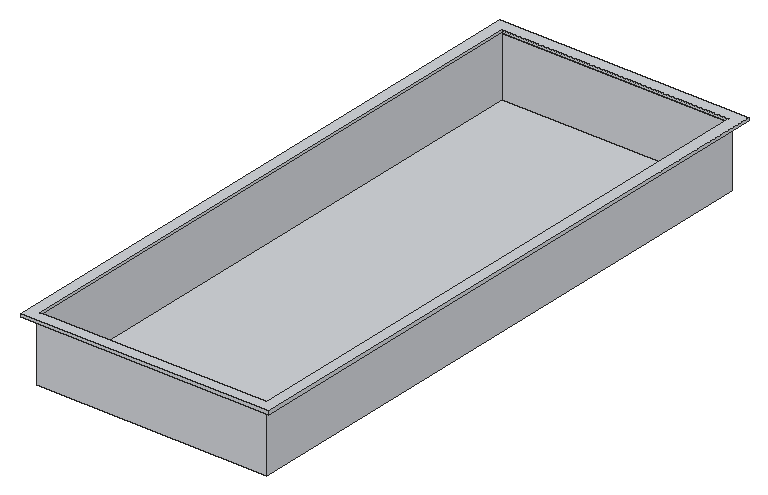
Revit family "Hager-Volta-IP30-Flush_mounted-empty-CH-en", category Electrical Equipment, host Face, Revit 2020
Family settings
  Host = Face
  Panel Configuration = Two Columns, Circuits Across
  Round Connector Dimension = Use Diameter
  Part Type = Panelboard
  Cut with Voids When Loaded = No
  Shared = No
  Room Calculation Point = No
Parameters (values of type "Recessed mounted  W348 H880 D94.5 12 Modular spacings - VU60NK")
  Width Control [instance] = if([HG000006 - Flush mounted], if([EF000846 - Built-in width] > min_whd, [EF000846 - Built-in width], min_whd), if([EF000008 - Width] > min_whd, ([EF000008 - Width]), min_whd))  # 335 mm
  Void Depth [instance] = if([HG000006 - Flush mounted], Depth Control, 1 mm)  # 90 mm
  Type Comments = [HG000003 - Range]  # "Volta"
  System Height [instance] = Height Control - 2 * [HG000005 - Thickness]  # 840 mm
  Model = [HG000004 - Manufacturer reference]  # "VU60NK"
  HG000017 - Distance between poles = 18 mm
  HG000016 - Door 3d visibility [instance] = yes
  HG000015 - Clearance visibility [instance] = no
  HG000014 - Door on the right [instance] = yes
  HG000013 - Door on the left [instance] = not([HG000014 - Door on the right])  # no
  HG000012 - Door swing angle [instance] = 45.00°
  HG000011 - Empty rows from bottom = no
  HG000010 - Asymmetric doors = no
  HG000009 - Double swing door = no
  HG000008 - Number of empty rows = 0
  HG000007 - Number of empty columns = 0
  HG000006 - Flush mounted = yes
  HG000005 - Thickness = 3 mm  # constant formula
  HG000004 - Manufacturer reference = "VU60NK"
  HG000003 - Range = "Volta"
  HG000002 - With door or cover = no
  HG000001 - Number of columns = 0
  EF015941 - Signal passing door = no
  EF015777 - Neutral terminal block = no
  EF015776 - Earthing terminal block = no
  EF009212 - Cover model = "EV000116 - Closed"
  EF006306 - With lock = no
  EF006244 - Transparent cover/door = no
  EF005474 - Degree of protection (IP) = ""
  EF004462 - Type of closure = ""
  EF002950 - Width in number of modular spacings = 12
  EF001596 - Material housing = "EV000139 - Plastic"
  EF001134 - DIN-rail = no
  EF001131 - Internal depth = 92 mm
  EF001088 - Extension possible = yes
  EF001062 - EMC-version = yes
  EF000846 - Built-in width = 335 mm
  EF000339 - Type of cover = ""
  EF000332 - Built-in height = 846 mm
  EF000266 - Number of rows = 5
  EF000218 - Built-in depth = 90 mm
  EF000118 - With mounting plate = no
  EF000116 - RAL-number = "7035"
  EF000049 - Depth = 94 mm
  EF000040 - Height = 880 mm
  EF000008 - Width = 348 mm
  EF000007 - Colour = "EV000270 - Grey"
  EF000003 - Mounting method = "EV000383 - Flush mounted (plaster)"
  Arrow Offset [instance] = Depth Control / 8  # 11.25 mm
  Arrow Height [instance] = Depth Control - Arrow Offset  # 78.75 mm
  Host Offset [instance] = if([HG000006 - Flush mounted], 0 mm, [EF000049 - Depth])  # 0 mm
  min_whd [instance] = (2 * [HG000005 - Thickness]) + 1 mm  # 7 mm
  Manufacturer = "Hager"  # constant formula
  Height Control [instance] = if([HG000006 - Flush mounted], if([EF000332 - Built-in height] > min_whd, [EF000332 - Built-in height], min_whd), if([EF000040 - Height] > min_whd, ([EF000040 - Height]), min_whd))  # 846 mm
  Flush Mounted - Door Frame Width [instance] = if(([EF000040 - Height] - [EF000332 - Built-in height]) > 0 mm, if([HG000006 - Flush mounted], [EF000040 - Height] - [EF000332 - Built-in height], 0 mm), 0 mm)  # 34 mm
  Depth Control [instance] = if([HG000006 - Flush mounted], if([EF000218 - Built-in depth] > 0 mm, [EF000218 - Built-in depth], 1 mm), if([EF000049 - Depth] > 0 mm, ([EF000049 - Depth]), 1 mm))  # 90 mm
  Default Elevation = 0 mm
Types (5, lengths in mm): name | System Height | Model | HG000004 - Manufacturer reference | EF000332 - Built-in height | EF000266 - Number of rows | EF000040 - Height | EF000008 - Width | Height Control | Flush Mounted - Door Frame Width
  Recessed mounted  W330 H355 D94.5 12 Modular spacings - VU12NK | 340 | "VU12NK" | "VU12NK" | 346 | 1 | 355 | 330 | 346 | 9
  Recessed mounted  W330 H484 D94.5 12 Modular spacings - VU24NK | 465 | "VU24NK" | "VU24NK" | 471 | 2 | 484 | 330 | 471 | 13
  Recessed mounted  W330 H609 D94.5 12 Modular spacings - VU36NK | 590 | "VU36NK" | "VU36NK" | 596 | 3 | 609 | 330 | 596 | 13
  Recessed mounted  W330 H734 D94.5 12 Modular spacings - VU48NK | 715 | "VU48NK" | "VU48NK" | 721 | 4 | 734 | 330 | 721 | 13
  Recessed mounted  W348 H880 D94.5 12 Modular spacings - VU60NK | 840 | "VU60NK" | "VU60NK" | 846 | 5 | 880 | 348 | 846 | 34
Reference planes
  plane 1 "Center (Front/Back)": y = 0
  plane 2: z = 0
  plane 3 "Center (Left/Right)": x = 0
  plane 4: z = 0
  plane 5: y = 37
  plane 6: z = -5
  plane 7: y = 457
  plane 8: y = 34
  plane 9: y = 880
  plane 10: z = -90
  plane 11: x = -167.5
  plane 12: x = 167.5
  plane 13: x = 164.5
  plane 14: x = -164.5
  plane 15: y = 877
  plane 16: z = -87
  plane 17: z = -3
  plane 18: z = -90
  plane 19: z = -3
Forms (mm)
  Extrusion 1, solid
    sketch origin (-583.045, 34, 1219.2) x (-1, 0, 0) y (0, 0, 1)
      loop
        line (-415.545, -1219.2) -> (-750.545, -1219.2) -> (-750.545, -1309.2) -> (-415.545, -1309.2) -> (-415.545, -1219.2)
    from 0 to 846 <- "Height Control"
  Extrusion 2, void
    sketch origin (-381.607, -4572, 0) x (0, -1, 0) y (-1, 0, 0)
      loop
        line (-5449, -217.107) -> (-5449, -546.107) -> (-4609, -546.107) -> (-4609, -217.107) -> (-5449, -217.107)
    from 0 to 87
  Extrusion 3, void
    sketch origin (0, 0, 0) x (1, 0, 0) y (0, 1, 0)
      loop
        line (-167.5, 34) -> (167.5, 34) -> (167.5, 880) -> (-167.5, 880) -> (-167.5, 34)
    from -90 to 1
  Extrusion 4, solid, detail levels coarse+medium
    sketch origin (-381.607, -4572, 0) x (-1, 0, 0) y (0, -1, 0)
      loop
        line (-217.107, -5449) -> (-217.107, -4609) -> (-546.107, -4609) -> (-546.107, -5449) -> (-217.107, -5449)
    from 0 to -3
Cuts and joins
  Extrusion 2 cuts Extrusion 1
Dimensions and locks
  plane 4 to plane 6 = 5 mm
  "Host Offset": plane 4 to host face
  "Flush Mounted - Door Frame Width": plane 1 "Center (Front/Back)" to plane 8
  "HG000005 - Thickness": plane 5 to plane 8
  locked: connector elem to plane 3 "Center (Left/Right)"
  "Height Control": plane 9 to plane 8
  equal spacing: plane 9, plane 7, plane 8
  locked: connector elem to plane 7
  "Depth Control": plane 4 to plane 10
  "HG000005 - Thickness": plane 11 to plane 14
  "HG000005 - Thickness": plane 12 to plane 13
  equal spacing: plane 11, plane 3 "Center (Left/Right)", plane 12
  "Width Control": plane 11 to plane 12
  "Arrow Offset": nested 4 to plane 10
  "HG000005 - Thickness": plane 9 to plane 15
  "HG000005 - Thickness": plane 16 to plane 10
  "HG000005 - Thickness": plane 4 to plane 17
  "Void Depth": plane 2 to plane 18
  "HG000005 - Thickness": plane 4 to plane 19
  aligned and locked: plane 2 to host face
  aligned and locked: level to host face
  aligned and locked: plane 3 "Center (Left/Right)" to nested 2
  aligned and locked: plane 4 to nested 2
  aligned and locked: nested 2 to plane 8
  aligned and locked: nested 1 to plane 6
  aligned and locked: plane 5 to nested 1
  aligned and locked: nested 4 to plane 11
  aligned and locked: nested 3 to plane 4
  aligned and locked: Extrusion 1 sketch curve to plane 12
  aligned and locked: Extrusion 1 sketch curve to plane 11
  aligned and locked: nested 3 to plane 10
  aligned and locked: plane 10 to Extrusion 1 sketch curve
  aligned and locked: plane 5 to Extrusion 2 sketch curve
  aligned and locked: Extrusion 2 sketch curve to plane 15
  aligned and locked: Extrusion 2 sketch curve to plane 14
  aligned and locked: Extrusion 2 sketch curve to plane 13
  aligned and locked: plane 11 to Extrusion 3 sketch curve
  aligned and locked: plane 9 to Extrusion 3 sketch curve
  aligned and locked: Extrusion 3 sketch curve to plane 8
  aligned and locked: plane 12 to Extrusion 3 sketch curve
  aligned and locked: nested 3 to plane 12
  aligned and locked: Extrusion 3 to plane 18
  aligned and locked: Extrusion 2 to plane 16
  aligned and locked: Extrusion 1 sketch curve to plane 4
  aligned and locked: Extrusion 4 to plane 17
  aligned and locked: Extrusion 4 sketch curve to plane 15
  aligned and locked: Extrusion 4 sketch curve to plane 13
  aligned and locked: Extrusion 4 sketch curve to plane 14
  aligned and locked: plane 5 to Extrusion 4 sketch curve
Automatic sketch dimensions
  host sketch curve to host sketch curve = 1469.727 mm
  host sketch curve to host sketch curve = 1434.803 mm
Nested families
  nested 1: "Hager_Enclosure_System" at (0, 37, -5) x (1, 0, 0) z (0, 1, 0), Depth <- "HG000005 - Thickness", Height <- "System Height", Width <- "EF000008 - Width", Border <- "HG000005 - Thickness", Flush_Mounted <- "HG000006 - Flush mounted", Built-in_Width <- "EF000846 - Built-in width", Row_Module_Multiplicator <- "EF002950 - Width in number of modular spacings", Total_No_Empty_Rows <- "HG000008 - Number of empty rows", Total_No_Rows <- "EF000266 - Number of rows", Empty_Columns <- "HG000007 - Number of empty columns", Width_Control <- "Width Control", Empty_Rows_From_Bottom <- "HG000011 - Empty rows from bottom", Distance_Between_Poles <- "HG000017 - Distance between poles", Rows_Count <- "EF000266 - Number of rows", Columns_Count <- "HG000001 - Number of columns", type "Hager_Enclosure_System", detail levels fine
    with Width_Control 335 mm, Width 348 mm, Total_No_Rows 5, Total_No_Empty_Rows 0, Total_No_Columns 1, System_Width 329 mm, Rows_Count 5, Rows_Column 5, Row_Module_Multiplicator 12, Panel_4 no, Panel_3 no, Panel_2 no, Panel_1 no, No_Panels_Ctrl 1, Hide_Columns yes, Height 840 mm, Flush_Mounted yes, Empty_Rows_From_Bottom no, Empty_Rows_Column 0, Empty_Columns 0, Distance_Between_Poles 18 mm, Depth 3 mm, Columns_Count 0, Column_Width 329 mm, Built-in_Width 335 mm, Border 3 mm
  nested 2: "Hager_Enclosure_Door" at (0, 34, 0) x (1, 0, 0) z (0, 1, 0), Border <- "HG000005 - Thickness", Door_Right <- "HG000014 - Door on the right", Flush_Mounted <- "HG000006 - Flush mounted", Depth <- "EF000049 - Depth", Width <- "EF000008 - Width", Door_Left <- "HG000013 - Door on the left", 3d_Door <- "HG000016 - Door 3d visibility", BuiltIn_Width <- "EF000846 - Built-in width", BuiltIn_Height <- "EF000332 - Built-in height", BuiltIn_Depth <- "EF000218 - Built-in depth", Angle <- "HG000012 - Door swing angle", Assymetrical <- "HG000010 - Asymmetric doors", Double <- "HG000009 - Double swing door", Clearance <- "HG000015 - Clearance visibility", Transparent <- "EF006244 - Transparent cover/door", Door <- "HG000002 - With door or cover", Height_Ctrl <- "Height Control", Width_Ctrl <- "Width Control", Height <- "EF000040 - Height", type "Hager_Enclosure_Door", detail levels medium+fine
    with min_wh 7 mm, Width_Ctrl 335 mm, Width 348 mm, Transparent_Door_No_Bottom_Border no, Transparent no, Leaf_Width 326 mm, Leaf_Tolerance 1.5 mm, Leaf_Height 837 mm, Leaf_2_Width 326 mm, Leaf_2_Offset 163 mm, Leaf_1_Width 326 mm, Leaf_1_Offset 163 mm, Height_Ctrl 846 mm, Height 880 mm, Frame_Width_Ctrl 13 mm, Frame_Width 13 mm, Frame_Internal_Offset 3 mm, Frame_Height_Ctrl 34 mm, Frame_Height 34 mm, Frame_Depth_Ctrl 4 mm, Frame_Depth 4 mm, Flush_Mounted yes, Double_Clearance_Ctrl no, Double no, Door_Right_Ctrl no, Door_Right yes, Door_Left_Ctrl no, Door_Left no, Door no, Depth 94 mm, Clearance_Depth 326 mm, Clearance_Ctrl no, Clearance no, BuiltIn_Width 335 mm, BuiltIn_Height 846 mm, BuiltIn_Depth 90 mm, Border 3 mm, Assymetrical no, Angle 45.00°, 3d_Door yes
  nested 3: "Hager_Enclosure_Symbol_Triangle" at (-167.5, 0, -90) x (1, 0, 0) z (0, -1, 0), Depth <- "Depth Control", Width <- "Width Control", type "Hager_Enclosure_Symbol_Triangle"
    with Width_Ctrl 335 mm, Width 335 mm, Depth_Ctrl 90 mm, Depth 90 mm
  nested 4: "Hager_Enclosure_Symbol_Arrow" at (-167.5, 0, -78.75) x (1, 0, 0) z (0, -1, 0), Height <- "Arrow Height", type "Hager_Enclosure_Symbol_Arrow"
    with Width_Inside 5.906 mm, Width 70.875 mm, Height_Ctrl 78.75 mm, Height 78.75 mm
Connectors
  electrical at (0, 457, -90)
    settings: on plane 10, index 1, voltage 0 V, apparent load 0 VA, apparent load phase1 0 VA, apparent load phase2 0 VA, apparent load phase3 0 VA, power factor 1, load classification "Other", number of poles 1, system type 30, power factor state 1, is connector primary yes, connector utility no, sub classification motor no, connector description ""
Definition of nested family "Hager_Enclosure_Door"
  Parameters (values of type "Hager_Enclosure_Door")
    min_wh [instance] = (2 * Border) + 1 mm  # 11 mm
    Width_Ctrl [instance] = 400 mm
    Width [instance] = 500 mm
    Transparent_Door_No_Bottom_Border [instance] = no
    Transparent [instance] = yes
    Leaf_Width [instance] = if((Width_Ctrl - 2 * Border - 2 * Leaf_Tolerance) > 0 mm, (Width_Ctrl - 2 * Border - 2 * Leaf_Tolerance), min_wh)  # 387 mm
    Leaf_Tolerance [instance] = 1.5 mm  # constant formula
    Leaf_Height [instance] = if((Height_Ctrl - 2 * Border - 2 * Leaf_Tolerance) > 0 mm, (Height_Ctrl - 2 * Border - 2 * Leaf_Tolerance), min_wh)  # 387 mm
    Leaf_2_Width [instance] = if(and(and(Double, Assymetrical), Door_Left), (Leaf_Width / 3) - (Leaf_Tolerance / 2), if(and(and(Double, Assymetrical), Door_Right), (Leaf_Width / 3) * 2 - (Leaf_Tolerance / 2), if(and(Double, not(Assymetrical)), (Leaf_Width / 2) - Leaf_Tolerance, Leaf_Width)))  # 387 mm
    Leaf_2_Offset [instance] = if(and(Double, Assymetrical), Leaf_2_Width / 2, if(and(Double, not(Assymetrical)), Leaf_Width / 4, Leaf_Width / 2))  # 193.5 mm
    Leaf_1_Width [instance] = if(and(and(Double, Assymetrical), Door_Right), (Leaf_Width / 3) - (Leaf_Tolerance / 2), if(and(and(Double, Assymetrical), Door_Left), (Width / 3) * 2 - (Leaf_Tolerance / 2), if(and(Double, not(Assymetrical)), (Leaf_Width / 2) - Leaf_Tolerance, Leaf_Width)))  # 387 mm
    Leaf_1_Offset [instance] = if(and(Double, Assymetrical), Leaf_1_Width / 2, if(and(Double, not(Assymetrical)), Leaf_Width / 4, Leaf_Width / 2))  # 193.5 mm
    Height_Ctrl [instance] = 400 mm
    Height [instance] = 500 mm
    Frame_Width_Ctrl [instance] = if(Frame_Width > 0 mm, Frame_Width, 1 mm)  # 1 mm
    Frame_Width [instance] = Width - BuiltIn_Width  # 0 mm
    Frame_Internal_Offset [instance] = if(Flush_Mounted, Border, 0 mm)  # 5 mm
    Frame_Height_Ctrl [instance] = if(Frame_Height > 0 mm, Frame_Height, 1 mm)  # 1 mm
    Frame_Height [instance] = Height - BuiltIn_Height  # 0 mm
    Frame_Depth_Ctrl [instance] = if(Frame_Depth > 0 mm, Frame_Depth, 1 mm)  # 1 mm
    Frame_Depth [instance] = if(Depth - BuiltIn_Depth > 0 mm, if(Flush_Mounted, Depth - BuiltIn_Depth, 0 mm), 0 mm)  # 0 mm
    Flush_Mounted [instance] = yes
    Double_Clearance_Ctrl [instance] = and(Double, Clearance)  # no
    Double [instance] = no
    Door_Right_Ctrl [instance] = and(or(Door_Right, Double), Door)  # yes
    Door_Right [instance] = yes
    Door_Left_Ctrl [instance] = and(or(Door_Left, Double), Door)  # no
    Door_Left [instance] = no
    Door [instance] = yes
    Depth [instance] = 500 mm
    Default Elevation = 1219.2 mm
    Clearance_Material = none
    Clearance_Depth [instance] = if(Leaf_1_Width > Leaf_2_Width, Leaf_1_Width, Leaf_2_Width)  # 387 mm
    Clearance_Ctrl [instance] = and(not(Double), Clearance)  # yes
    Clearance [instance] = yes
    BuiltIn_Width [instance] = 500 mm
    BuiltIn_Height [instance] = 500 mm
    BuiltIn_Depth [instance] = 500 mm
    Border [instance] = 5 mm
    Assymetrical [instance] = yes
    Angle [instance] = 30.00°
    3d_Door [instance] = yes
  Reference planes
    plane 1 "Center (Front/Back)": y = 0
    plane 2 "Bottom": z = 0
    plane 3 "Center (Left/Right)": x = 0
    plane 4: z = 400
    plane 5: x = -200
    plane 6: x = 200
    plane 7: z = 395
    plane 8: x = -195
    plane 9: z = 5
    plane 10: x = 195
    plane 11: y = 0
    plane 12: z = 6.5
    plane 13: x = -582
    plane 14: y = -387
    plane 15: x = 582
    plane 16: x = 0
    plane 17: x = 0
    plane 18: x = -193.5
    plane 19: x = 193.5
    plane 20: z = 393.5
  Forms (mm)
    Extrusion 1, solid, visible <- "Flush_Mounted"
      sketch origin (0, 0, 0) x (1, 0, 0) y (0, 0, 1)
        loop
          line (195, 5) -> (195, 395) -> (-195, 395) -> (-195, 5) -> (195, 5)
        loop
          line (-201, 401) -> (-201, -1) -> (201, -1) -> (201, 401) -> (-201, 401)
      from 0 to 1 <- "Frame_Depth_Ctrl"
    Extrusion 2, solid, material <- "Clearance_Material", visible <- "Double_Clearance_Ctrl"
      sketch origin (1200, 0, 0) x (1, 0, 0) y (0, 0, -1)
        loop
          line (-1782, -393.5) -> (-618, -393.5) -> (-618, 0) -> (-1782, 0) -> (-1782, -393.5)
      from 0 to -387
  Dimensions and locks
    equal spacing: plane 5, plane 3 "Center (Left/Right)", plane 6
    "Width_Ctrl": plane 5 to plane 6
    "Border": plane 5 to plane 8
    "Border": plane 6 to plane 10
    "Border": plane 9 to level
    "Border": plane 4 to plane 7
    "Height_Ctrl": plane 4 to level
    "Leaf_Tolerance": plane 12 to plane 9
    "Frame_Depth": plane 11 to plane 1 "Center (Front/Back)"
    "Frame_Width_Ctrl": plane 5 to Extrusion 1 sketch curve
    "Frame_Width_Ctrl": plane 6 to Extrusion 1 sketch curve
    "Frame_Width_Ctrl": Extrusion 1 sketch curve to plane 4
    "Frame_Width_Ctrl": plane 2 "Bottom" to Extrusion 1 sketch curve
    "Leaf_1_Offset": plane 18 to plane 16
    "Leaf_2_Offset": plane 17 to plane 19
    "Leaf_1_Width": plane 13 to plane 8
    "Leaf_2_Width": plane 10 to plane 15
    "Clearance_Depth": plane 14 to plane 1 "Center (Front/Back)"
    "Leaf_Tolerance": plane 8 to plane 18
    "Leaf_Tolerance": plane 19 to plane 10
    "Leaf_Tolerance": plane 7 to plane 20
    "Frame_Internal_Offset": plane 5 to Extrusion 1 sketch curve
    "Frame_Internal_Offset": Extrusion 1 sketch curve to plane 2 "Bottom"
    "Frame_Internal_Offset": plane 6 to Extrusion 1 sketch curve
    "Frame_Internal_Offset": plane 4 to Extrusion 1 sketch curve
    aligned and locked: level to plane 2 "Bottom"
    aligned and locked: nested 1 to plane 16
    aligned and locked: nested 2 to plane 17
    aligned and locked: Extrusion 2 to plane 13
    aligned and locked: plane 15 to Extrusion 2
    aligned and locked: Extrusion 2 to plane 14
    aligned and locked: plane 12 to nested 1
    aligned and locked: nested 2 to plane 12
    aligned and locked: Extrusion 2 to plane 11
    aligned and locked: plane 20 to Extrusion 2
    aligned and locked: nested 2 to plane 11
    aligned and locked: nested 1 to plane 11
  Automatic sketch dimensions
    Extrusion 2 sketch curve to level = 0 mm
    plane 5 to Extrusion 2 sketch curve = 382 mm
    plane 6 to Extrusion 2 sketch curve = 382 mm
    Extrusion 2 sketch curve to plane 4 = 6.5 mm
  Nested families
    nested 1: "Hager_Enclosure_Door_Leaf" at (0, 0, 6.5), Width <- "Leaf_1_Width", visible <- "Door_Left_Ctrl", Leaf_Height <- "Leaf_Height", Angle <- "Angle", Depth <- "Border", 3d_Door <- "3d_Door", Transparent <- "Transparent", Clearance Material <- "Clearance_Material", Clearance <- "Clearance_Ctrl", Transparent_Door_No_Bottom_Border <- "Transparent_Door_No_Bottom_Border", type "Hager_Enclosure_Door_Leaf"
      with Width 387 mm, Transparent_Door_No_Bottom_Border no, Transparent_Door_Border_Bottom_Top 25 mm, Transparent_Door_Border 25 mm, Transparent_Ctrl yes, Transparent yes, Standard no, Leaf_Height 387 mm, Glass_Offset 1 mm, Depth 5 mm, Clearance Material none, Clearance yes, Angle_Ctrl 30.00°, Angle 30.00°, 3d_Door yes
    nested 2: "Hager_Enclosure_Door_Leaf" at (0, 0, 6.5) x (-1, 0, 0) z (0, 0, 1), Width <- "Leaf_2_Width", visible <- "Door_Right_Ctrl", Leaf_Height <- "Leaf_Height", Angle <- "Angle", Depth <- "Border", 3d_Door <- "3d_Door", Transparent <- "Transparent", Clearance Material <- "Clearance_Material", Clearance <- "Clearance_Ctrl", Transparent_Door_No_Bottom_Border <- "Transparent_Door_No_Bottom_Border", type "Hager_Enclosure_Door_Leaf"
      with Width 387 mm, Transparent_Door_No_Bottom_Border no, Transparent_Door_Border_Bottom_Top 25 mm, Transparent_Door_Border 25 mm, Transparent_Ctrl yes, Transparent yes, Standard no, Leaf_Height 387 mm, Glass_Offset 1 mm, Depth 5 mm, Clearance Material none, Clearance yes, Angle_Ctrl 30.00°, Angle 30.00°, 3d_Door yes
  Definition of nested family "Hager_Enclosure_Door_Leaf"
    Parameters (values of type "Hager_Enclosure_Door_Leaf")
      Width [instance] = 2000 mm
      Transparent_Door_No_Bottom_Border [instance] = yes
      Transparent_Door_Border_Bottom_Top [instance] = if(Transparent_Door_No_Bottom_Border, 0.1 mm, Transparent_Door_Border)  # 0.1 mm
      Transparent_Door_Border [instance] = if(Transparent_Door_No_Bottom_Border, (Width * 0.12), 25 mm)  # 240 mm
      Transparent_Ctrl [instance] = and(Transparent, [3d_Door])  # yes
      Transparent [instance] = yes
      Standard [instance] = and(not(Transparent), [3d_Door])  # no
      Leaf_Height [instance] = 2720.336 mm
      Glass_Offset [instance] = if((Depth - 10 mm) / 2 > 0 mm, (Depth - 10 mm) / 2, 1 mm)  # 15 mm
      Glass_Material = none
      Depth [instance] = 40 mm
      Default Elevation = 0 mm
      Clearance Material [instance] = none
      Clearance [instance] = yes
      Angle_Ctrl [instance] = if(Angle > 170.00°, 170.00°, Angle)  # 45.00°
      Angle [instance] = 45.00°
      3d_Door [instance] = yes
    Reference planes
      plane 1 "Center (Front/Back)": y = 0
      plane 2: z = 0
      plane 3 "Center (Left/Right)": x = 0
      plane 4: y = 2000
      plane 5: x = -1000
      plane 6: x = 1000
      plane 7: x = -3000
      plane 8: z = 2720.336
      plane 9: z = 0.1
      plane 10: z = 2720.236
      plane 11: x = 760
      plane 12: x = -760
    Forms (mm)
      Extrusion 1, solid, material <- "Clearance Material", visible <- "Clearance"
        sketch origin (0, 0, 0) x (1, 0, 0) y (0, 0, 1)
          loop
            line (-3000, 2720.336) -> (-3000, 0) -> (1000, 0) -> (1000, 2720.336) -> (-3000, 2720.336)
        from 0 to -2000
      Extrusion 2, solid, visible <- "Standard", detail levels medium+fine
        sketch origin (-1000, 0, 0) x (0.707107, 0.707107, 0) y (-0.707107, 0.707107, 0)
          loop
            line (0, -40) -> (2000, -40) -> (2000, 0) -> (0, 0) -> (0, -40)
        from 0 to 2720.336 <- "Leaf_Height"
      Extrusion 3, solid, visible <- "Transparent_Ctrl", detail levels medium+fine
        sketch origin (-1000, 0, 0) x (0.707107, 0.707107, 0) y (-0.707107, 0.707107, 0)
          loop
            line (0, -40) -> (2000, -40) -> (2000, 0) -> (0, 0) -> (0, -40)
        from 0 to 2720.336 <- "Leaf_Height"
      Extrusion 4, void, detail levels medium+fine
        sketch origin (-1000, 0, 0) x (-0.707107, 0.707107, 0) y (0.707107, 0.707107, 0)
          loop
            line (0, 240) -> (0, 1760) -> (-40, 1760) -> (-40, 240) -> (0, 240)
        from -2720.236 to -0.1
      Extrusion 5, solid, material <- "Glass_Material", visible <- "Transparent_Ctrl", detail levels medium+fine
        sketch origin (-1000, 0, 0) x (0.707107, 0.707107, 0) y (-0.707107, 0.707107, 0)
          loop
            line (240, -15) -> (240, -25) -> (1760, -25) -> (1760, -15) -> (240, -15)
        from 0.1 to 2720.236
    Cuts and joins
      Extrusion 4 cuts Extrusion 3
    Lines and regions (mm)
      symbolic lines
        curve 1: line (1000, 0, 0) -> (-3000, 0, 0)
        curve 2: arc (1000, 0, 0) -> (-1000, 2000, 0) -> (-3000, 0, 0) r 2000
        curve 4: line (-1000, 0, 0) -> (414.214, 1414.214, 0)
      reference lines
        curve 3: line (-1000, 0, 0) -> (414.214, 1414.214, 0)
      symbolic lines, detail levels medium+fine
        curve 5: line (414.214, 1414.214, 0) -> (442.498, 1385.929, 0)
        curve 6: line (442.498, 1385.929, 0) -> (-971.716, -28.284, 0)
        curve 7: line (-971.716, -28.284, 0) -> (-1000, 0, 0)
        curve 8: line (-1000, 0, 2720.336) -> (1000, 0, 2720.336)
        curve 9: line (-1000, 0, 0) -> (-1000, 0, 2720.336)
        curve 10: line (1000, 0, 0) -> (-1000, 0, 0)
        curve 11: line (1000, 0, 2720.336) -> (1000, 0, 0)
      symbolic lines, visible <- "Transparent_Ctrl", detail levels medium+fine
        curve 12: line (-760, 0, 2720.236) -> (760, 0, 2720.236)
        curve 13: line (-760, 0, 0.1) -> (-760, 0, 2720.236)
        curve 14: line (760, 0, 0.1) -> (-760, 0, 0.1)
        curve 15: line (760, 0, 2720.236) -> (760, 0, 0.1)
    Dimensions and locks
      "Width": plane 1 "Center (Front/Back)" to plane 4
      equal spacing: plane 5, plane 3 "Center (Left/Right)", plane 6
      "Width": plane 5 to plane 6
      "Width": plane 7 to plane 5
      "Leaf_Height": plane 8 to level
      "Depth": curve 6 to curve 3
      "Width": curve 5 to curve 3
      "Width": curve 3 to curve 3
      "Transparent_Door_Border": Extrusion 4 sketch curve to curve 7
      "Transparent_Door_Border": Extrusion 4 sketch curve to curve 5
      "Transparent_Door_Border_Bottom_Top": plane 8 to plane 10
      "Transparent_Door_Border_Bottom_Top": plane 9 to level
      "Glass_Offset": Extrusion 5 sketch curve to curve 4
      "Glass_Offset": Extrusion 5 sketch curve to curve 6
      "Transparent_Door_Border": Extrusion 5 sketch curve to curve 5
      "Transparent_Door_Border": Extrusion 5 sketch curve to curve 7
      "Transparent_Door_Border": plane 12 to plane 5
      "Transparent_Door_Border": plane 6 to plane 11
      "Angle_Ctrl": angle plane 1 "Center (Front/Back)" to curve 3
      aligned and locked: level to plane 2
      aligned and locked: Extrusion 1 to curve 1
      aligned and locked: plane 6 to Extrusion 1
      aligned and locked: Extrusion 1 to plane 1 "Center (Front/Back)"
      aligned and locked: plane 4 to Extrusion 1
      aligned and locked: plane 8 to Extrusion 1
      aligned and locked: curve 4 to curve 3
      aligned and locked: Extrusion 2 sketch curve to curve 7
      aligned and locked: Extrusion 2 sketch curve to curve 6
      aligned and locked: Extrusion 2 sketch curve to curve 5
      aligned and locked: Extrusion 2 sketch curve to curve 3
      aligned and locked: curve 7 to Extrusion 3 sketch curve
      aligned and locked: Extrusion 3 sketch curve to curve 4
      aligned and locked: Extrusion 3 sketch curve to curve 6
      aligned and locked: Extrusion 3 sketch curve to curve 5
      aligned and locked: curve 4 to Extrusion 4 sketch curve
      aligned and locked: curve 6 to Extrusion 4 sketch curve
      aligned and locked: Extrusion 4 to plane 9
      aligned and locked: Extrusion 4 to plane 10
      aligned and locked: Extrusion 5 to plane 9
      aligned and locked: Extrusion 5 to plane 10
      aligned and locked: curve 8 to plane 8
      aligned and locked: plane 5 to curve 9
      aligned and locked: plane 2 to curve 10
      aligned and locked: curve 11 to plane 6
      aligned and locked: plane 10 to curve 12
      aligned and locked: plane 12 to curve 13
      aligned and locked: curve 14 to plane 9
      aligned and locked: plane 11 to curve 15
    Automatic sketch dimensions
      plane 1 "Center (Front/Back)" to curve 2 = 0 mm
      curve 2 to plane 5 = 0 mm
      Extrusion 1 sketch curve to level = 0 mm
      Extrusion 1 sketch curve to plane 7 = 0 mm
      Extrusion 1 sketch curve to plane 6 = 0 mm
      Extrusion 1 sketch curve to plane 8 = 0 mm
      plane 1 "Center (Front/Back)" to curve 3 = 0 mm
      curve 3 to plane 5 = 0 mm
      curve 7 to curve 3 = 0 mm
Definition of nested family "Hager_Enclosure_Symbol_Triangle"
  Parameters (values of type "Hager_Enclosure_Symbol_Triangle")
    Width_Ctrl [instance] = if(Width > 1 mm, Width, 1 mm)  # 498 mm
    Width [instance] = 498 mm
    Depth_Ctrl [instance] = if(Depth > 1 mm, Depth, 1 mm)  # 72 mm
    Depth [instance] = 72 mm
  Reference planes
    plane 1 "Centre (avant/arrière)": y = 0
    plane 2: z = 0
    plane 3 "Centre (gauche/droite)": x = 0
  Lines and regions (mm)
    Filled region 1, type "Solid_Black", in view "Niveau de réf."
      outline origin (0, 0, 0) x (1, 0, 0) y (0, 1, 0)
        loop
          line (0, 0) -> (498, 0) -> (498, 72) -> (0, 0)
    reference lines, in view "Niveau de réf."
      curve 1: line (-206.153, 72, 0) -> (1083.258, 72, 0)
      curve 2: line (498, 405.456, 0) -> (498, -517.619, 0)
  Dimensions and locks
    "Depth_Ctrl": plane 1 "Centre (avant/arrière)" to curve 1
    "Width_Ctrl": plane 3 "Centre (gauche/droite)" to curve 2
    aligned and locked: curve 1 to Filled region 1 sketch curve
    aligned and locked: Filled region 1 sketch curve to plane 1 "Centre (avant/arrière)"
    aligned and locked: curve 2 to Filled region 1 sketch curve
    aligned and locked: plane 3 "Centre (gauche/droite)" to Filled region 1 sketch curve
    aligned and locked: plane 1 "Centre (avant/arrière)" to Filled region 1 sketch curve
  Automatic sketch dimensions
    curve 1 to plane 3 "Centre (gauche/droite)" = 206.153 mm
    curve 2 to curve 1 = 585.258 mm
    plane 1 "Centre (avant/arrière)" to curve 2 = 517.619 mm
    curve 2 to plane 1 "Centre (avant/arrière)" = 405.456 mm
Definition of nested family "Hager_Enclosure_Symbol_Arrow"
  Parameters (values of type "Hager_Enclosure_Symbol_Arrow")
    Width_Inside [instance] = if(Width / 12 > 2 mm, Width / 12, 2 mm)  # 4.987 mm
    Width [instance] = if(Height_Ctrl * 0.9 > 2 mm, Height_Ctrl * 0.9, 2 mm)  # 59.85 mm
    Height_Ctrl [instance] = if(Height > 2 mm, Height, 2 mm)  # 66.5 mm
    Height [instance] = 66.5 mm
  Reference planes
    plane 1 "Centre (avant/arrière)": y = 0
    plane 2: z = 0
    plane 3 "Centre (gauche/droite)": x = 0
    plane 4: x = 59.85
    plane 5: y = 28.263
    plane 6: y = 38.238
    plane 7: y = 66.5
    plane 8: x = 29.925
    plane 9: y = 33.25
  Lines and regions (mm)
    Filled region 1, type "Solid_Black", in view "Niveau de réf."
      outline origin (0, 0, 0) x (1, 0, 0) y (0, 1, 0)
        loop
          line (59.85, 66.5) -> (37.929, 52.827) -> (51.846, 41.935) -> (59.85, 66.5)
    detail lines, in view "Niveau de réf."
      curve 1: line (0, 0, 0) -> (29.925, 38.238, 0)
      curve 2: line (29.925, 38.238, 0) -> (29.925, 28.263, 0)
      curve 3: line (29.925, 28.263, 0) -> (59.85, 66.5, 0)
  Dimensions and locks
    "Width": plane 3 "Centre (gauche/droite)" to plane 4
    "Height_Ctrl": plane 7 to plane 1 "Centre (avant/arrière)"
    equal spacing: plane 3 "Centre (gauche/droite)", plane 8, plane 4
    equal spacing: plane 7, plane 9, plane 1 "Centre (avant/arrière)"
    equal spacing: plane 6, plane 9, plane 5
    "Width_Inside": plane 6 to plane 9
    equal spacing: curve 3, Filled region 1 sketch curve, Filled region 1 sketch curve
    angle Filled region 1 sketch curve to curve 3 = 20.00°
    angle curve 3 to Filled region 1 sketch curve = 20.00°
    locked: curve 3 to Filled region 1 sketch curve (angle 90.00°)
  Automatic sketch dimensions
    plane 1 "Centre (avant/arrière)" to curve 1 = 0 mm
    curve 1 to plane 3 "Centre (gauche/droite)" = 0 mm
    curve 2 to plane 6 = 0 mm
    curve 3 to plane 8 = 0 mm
    curve 3 to plane 4 = 0 mm
    curve 2 to plane 5 = 0 mm
    curve 3 to plane 7 = 0 mm
    Filled region 1 sketch curve to plane 4 = 0 mm
    Filled region 1 sketch curve to plane 7 = 0 mm
